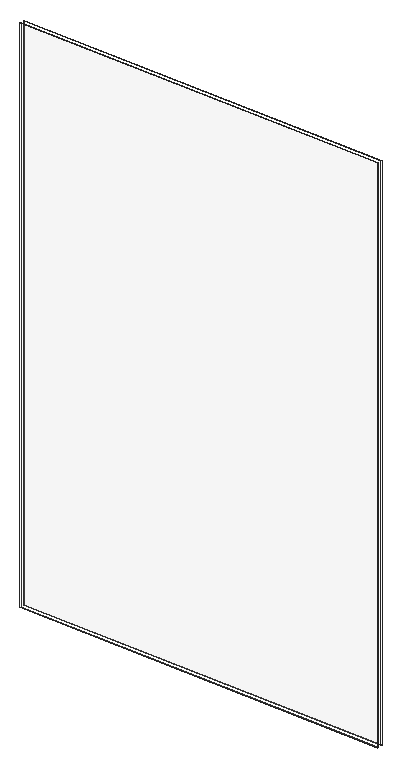
Revit family "Building-Materials_Glass-Glazing_Vitro-Architectural-Glass_SOLARBAN-Acuity-Series", category Curtain Panels, Revit 2026
Family settings
  Classification Number = 23.25.20.14.11.11.17
  Always vertical = Yes
  Cut with Voids When Loaded = No
  Shared = No
Parameters (values of type "Acuity + Acuity")
  Visual Light Transmittance = 0.82  # constant formula
  UV Light Transmittance = 0.63
  URL = "https://www.vitroglazings.com/"
  U-Value Argon (Winter Night) = 0.4500 BTU/(h·ft²·°F)
  U-Value Argon (Summer Day) = 0.4800 BTU/(h·ft²·°F)
  U-Value Air (Winter Night) = 0.4700 BTU/(h·ft²·°F)
  U-Value Air (Summer Day) = 0.5000 BTU/(h·ft²·°F)
  Total Thickness = Airspace Thickness + [1st Lite Thickness] + [2nd Lite Thickness]  # 0' - 1"
  Thermal Resistance (R) = 8.3333 (h·ft²·°F)/BTU  # constant formula
  Solar Light Transmittance = 0.73
  Solar Heat Gain Coefficient = 0.78  # constant formula
  Shadow Coefficient = 0.9
  Reflectance (Visible Interior) = 15
  Reflectance (Visible Exterior) = 15
  Product data url = "https://www.bimobject.com/vitroarchictecturalglass/product/solarban-acuity-series"
  Product Page URL = "https://www.vitroglazings.com/products/low-iron-glass/acuity-low-iron-glass/"
  Product Guid = "a7815d87-3680-4471-99e1-be6fcc4030d8"
  Model = "Acuity + Acuity"
  Manufacturer = "Vitro Architectural Glass "  # constant formula
  Light to Solar Gain = 1.05
  Keynote = "08900"
  Interior Glass Material = Vitro Architectural-Glass - Acuity
  ISO Damage Weighted Transmittance = 0.764
  Heat Transfer Coefficient (U) = 0.2900 BTU/(h·ft²·°F)  # constant formula
  Glass Code = 3
  Finish = "Glass"  # constant formula
  Exterior Glass Material = Vitro Architectural-Glass - Acuity
  Description = "The right glass can be the centerpiece of your design. Combining the color fidelity of new Acuity™ low‑iron glass with the performance you expect from the Solarban® family of glasses, you can design an ambitious facade-and actually realize it, on budget and on time. Acuity™ glass is available with the full range of Solarban® solar control, low‑e coatings."  # constant formula
  Define Thermal Properties by = Schematic Type
  Assembly Code = "B2020220"
  Analytic Construction = "Low-E double glazing (1/4 in + 1/4 in)"
  Airspace Thickness = 0' - 0 1/2"  # constant formula
  2nd Lite Thickness = 0' - 0 1/4"  # constant formula
  1st Lite Thickness = 0' - 0 1/4"  # constant formula
Reference planes (in)
  plane 1 "Front": y = 0
  plane 2: z = 0
  plane 3 "Center (Left/Right)": x = 0
  plane 4 "Left": x = -32.75106
  plane 5 "Right": x = 32.75106
  plane 6 "Top": z = 96
  plane 7: y = 0.25
  plane 8: y = -0.25
Forms (in)
  Extrusion 1, solid, material "Vitro Architectural-Glass - Acuity" <- "Interior Glass Material"
    sketch origin (0, 0.5, 0) x (1, 0, 0) y (0, 1, 0)
      loop
        line (-32.75106, 0) -> (-32.75106, -0.25) -> (32.75106, -0.25) -> (32.75106, 0) -> (-32.75106, 0)
    from 0 to 96
  Extrusion 2, solid, material "Vitro Architectural-Glass - Acuity" <- "Exterior Glass Material"
    sketch origin (0, -0.5, 0) x (1, 0, 0) y (0, 1, 0)
      loop
        line (-32.75106, 0.25) -> (-32.75106, 0) -> (32.75106, 0) -> (32.75106, 0.25) -> (-32.75106, 0.25)
    from 0 to 96
Text (in)
  text "Exterior" at (-54.29358, 31.38743, 0), in view "Ref. Level"
  text "Exterior" at (480, 41.53993, 89.60405), in view "Right"
  text "Exterior" at (-240, 57.82419, 105.78864), in view "Left"
Dimensions and locks (in)
  equal spacing: plane 4 "Left", plane 3 "Center (Left/Right)", plane 5 "Right"
  "2nd Lite Thickness": Extrusion 2 sketch curve to Extrusion 2 sketch curve
  equal spacing: plane 7, plane 1 "Front", plane 8
  "Airspace Thickness": plane 7 to plane 8
  "1st Lite Thickness": Extrusion 1 sketch curve to plane 7
  "Total Thickness": Extrusion 2 to Extrusion 1
  aligned and locked: level to plane 2
  aligned and locked: Extrusion 1 sketch curve to plane 4 "Left"
  aligned and locked: plane 5 "Right" to Extrusion 1 sketch curve
  aligned and locked: plane 5 "Right" to Extrusion 2 sketch curve
  aligned and locked: Extrusion 2 sketch curve to plane 4 "Left"
  aligned and locked: Extrusion 1 to plane 6 "Top"
  aligned and locked: Extrusion 1 to level
  aligned and locked: Extrusion 2 to plane 6 "Top"
  aligned and locked: Extrusion 2 to level
  aligned and locked: plane 8 to Extrusion 2
  aligned and locked: plane 7 to Extrusion 1 sketch curve
  aligned and locked: Extrusion 2 sketch curve to plane 8
